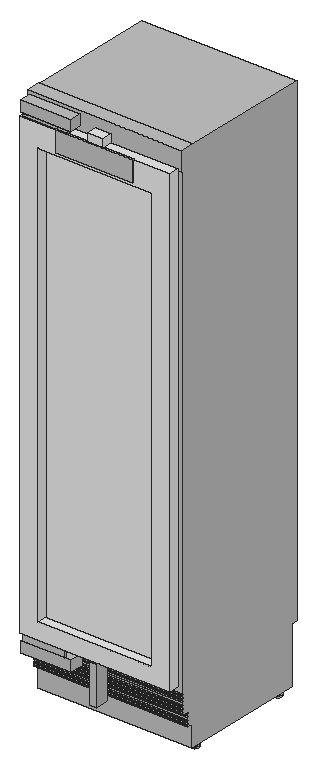
Revit family "FP_Revit_18_RS2484VL2K1_Wine_Column_90001065A", category Specialty Equipment, Revit 2018
Family settings
  Round Connector Dimension = Use Diameter
  Part Type = Normal
  OmniClass Number = 23.40.40.11.11
  OmniClass Title = Refrigerators and Freezers
  Work Plane-Based = No
  Always vertical = Yes
  Cut with Voids When Loaded = Yes
  Shared = No
  Room Calculation Point = No
Parameters
  Visibility - Water Connection = yes
  Visibility - Visibility Control Note = yes
  Visibility - Clearance Required = yes
  URL = "www.fisherpaykel.com"
  Stainless Steel Door Panels (RD2484VL4D) = no
  Product - Width = 603 mm  # constant formula
  Product - Height = 2134 mm  # constant formula
  Product - Depth (exl front panel) = 610 mm  # constant formula
  Model = "RS2484VL2K1"
  Material - Handle = Fisher & Paykel - Aluminium
  Material - Door Structure = Fisher & Paykel - White
  Material - Door Front = Fisher & Paykel - Stainless Steel
  Material - Body = Fisher & Paykel - Grey
  Manufacturer = "Fisher & Paykel Appliances"
  Handle Style - Professional Square (AHV2-RD84) = no
  Handle Style - Professional Round (AHC-RD84) = no
  Handle Style - Contemporary Square (AHD3-RD84) = no
  Handle Style - Contemporary Round (AHS-RD84) = no
  Description = "24\" Integrated Column Wine Cabinet"
  Connector Description - Electrical = "120 V, 10 amp fused electrical supply"
  Cavity - Width = 610 mm  # constant formula
  Cavity - Height = 2134 mm  # constant formula
  Cavity - Depth = 635 mm  # constant formula
Reference planes
  plane 1 "Center (Front/Back)": y = 0
  plane 2: z = 0
  plane 3 "Center (Left/Right)": x = 0
  plane 4 "Product LHS": x = -301.5
  plane 5 "Product RHS": x = 301.5
  plane 6 "Product - Depth": y = 610
  plane 7 "Cavity LHS": x = -305
  plane 8 "Cavity RHS": x = 305
  plane 9 "Cavity - Depth": y = 612.9
  plane 10 "Handle Offset": x = 238.5
  plane 11 "Product Height": z = 2134
  plane 12 "Cavity Height": z = 2134
  plane 13 "Door Panel Datum": y = -4.1
Forms (mm)
  Extrusion 1, solid, material "Fisher & Paykel - Grey" <- "Material - Body", detail levels fine
    sketch origin (0, 0, 0) x (0, 1, 0) y (0, 0, 1)
      loop
        line (100.1, 19.1) -> (587.9, 19.1) -> (587.9, 239.7) -> (610, 239.7) -> (610, 2131.9) -> (105.1, 2131.9) -> (105.1, 2134) -> (49.9, 2134) -> (49.9, 2059) -> (56, 2059) -> (56, 228.6) -> (59.5, 228.6) -> (59.5, 219.7) -> (56.5, 219.7) -> (56.5, 215.9) -> (59.5, 215.9) -> (59.5, 207) -> (56.5, 207) -> (56.5, 203.2) -> (59.5, 203.2) -> (59.5, 194.3) -> (56.5, 194.3) -> (56.5, 190.5) -> (59.5, 190.5) -> (59.5, 181.6) -> (56.5, 181.6) -> (56.5, 177.8) -> (59.5, 177.8) -> (59.5, 168.9) -> (56.5, 168.9) -> (56.5, 165.1) -> (59.5, 165.1) -> (59.5, 156.2) -> (56.5, 156.2) -> (56.5, 152.4) -> (84.1, 152.4) -> (84.1, 143.5) -> (81.1, 143.5) -> (81.1, 139.7) -> (84.1, 139.7) -> (84.1, 130.8) -> (81.1, 130.8) -> (81.1, 127) -> (84.1, 127) -> (84.1, 118.1) -> (81.1, 118.1) -> (81.1, 114.3) -> (84.1, 114.3) -> (84.1, 105.4) -> (81.1, 105.4) -> (81.1, 101.6) -> (100.1, 101.6) -> (100.1, 19.1)
    from -301.5 to 301.5
  Extrusion 2, solid, material "Fisher & Paykel - Grey" <- "Material - Body"
    sketch origin (0, 0, 0) x (1, 0, 0) y (0, 1, 0)
      loop
        circle (-281, 547.8) r 4.1
      loop
        circle (-281, 141.8) r 4.1
      loop
        circle (281, 547.8) r 4.1
      loop
        circle (281, 141.8) r 4.1
    from 3 to 19.1
  Extrusion 3, solid, material "Fisher & Paykel - Grey" <- "Material - Body"
    sketch origin (0, 0, 0) x (1, 0, 0) y (0, 1, 0)
      loop
        circle (-281, 547.8) r 14.5
      loop
        circle (-281, 141.8) r 14.555
      loop
        circle (281, 547.8) r 14.5
      loop
        circle (281, 141.8) r 14.555
    from 0 to 3
  Extrusion 4, solid, material "Fisher & Paykel - Grey" <- "Material - Body", detail levels fine
    sketch origin (0, 0, 0) x (1, 0, 0) y (0, 1, 0)
      loop
        line (-7.5, 49) -> (-13.797, -4.1) -> (13.797, -4.1) -> (7.5, 49) -> (-7.5, 49)
    from 104.2 to 254.2
  Extrusion 5, solid, material "Fisher & Paykel - Grey" <- "Material - Body", detail levels fine
    sketch origin (0, 0, 0) x (0, 1, 0) y (0, 0, 1)
      loop
        line (0, 2070.6) -> (0, 1988.6) -> (2, 1988.6) -> (2, 2068.6) -> (4, 2068.6) -> (4, 2070.6) -> (0, 2070.6)
    from -150 to 150
  Extrusion 6, solid, material "Fisher & Paykel - Grey" <- "Material - Body"
    sketch origin (0, 0, 0) x (1, 0, 0) y (0, 0, 1)
      loop
        circle (226.5, 119.813) r 5
      loop
        circle (-226.5, 119.813) r 5
    from -590 to -587.9
  Extrusion 7, solid, material "Fisher & Paykel - White" <- "Material - Door Structure"
    sketch origin (0, 0, 0) x (1, 0, 0) y (0, 1, 0)
      loop
        line (-276.5, 56) -> (-276.5, 42) -> (276.5, 42) -> (276.5, 56) -> (-276.5, 56)
    from 269.6 to 2030.7
  Extrusion 8, solid, material "Fisher & Paykel - White" <- "Material - Door Structure", detail levels fine
    sketch origin (0, 0, 0) x (1, 0, 0) y (0, 0, 1)
      loop
        line (-29.5, 2100.1) -> (-29.5, 2068.6) -> (29.5, 2068.6) -> (29.5, 2100.1) -> (-29.5, 2100.1)
    from -42 to -3
  Extrusion 9, solid, material "Fisher & Paykel - Grey" <- "Material - Body", detail levels coarse+medium
    sketch origin (0, 0, 0) x (0, 1, 0) y (0, 0, 1)
      loop
        line (49.9, 2134) -> (49.9, 2059) -> (56, 2059) -> (56, 152.4) -> (81.1, 152.4) -> (81.1, 101.6) -> (100.1, 101.6) -> (100.1, 19.1) -> (587.9, 19.1) -> (587.9, 239.7) -> (610, 239.7) -> (610, 2134) -> (49.9, 2134)
    from -301.5 to 301.5
  Extrusion 10, solid, material "Fisher & Paykel - Grey" <- "Material - Body", detail levels fine
    sketch origin (0, 0, 0) x (-1, 0, 0) y (0, 0, -1)
      loop
        line (289.9, -187.65) -> (95.42, -187.65) -> (95.42, -229.75) -> (289.9, -229.75) -> (289.9, -187.65)
    from -56 to -2.5
  Extrusion 11, solid, material "Fisher & Paykel - Grey" <- "Material - Body", detail levels fine
    sketch origin (0, 0, 0) x (-1, 0, 0) y (0, 0, -1)
      loop
        line (289.9, -2123.15) -> (289.9, -2081.05) -> (95.42, -2081.05) -> (95.42, -2123.15) -> (289.9, -2123.15)
    from -49 to -3
  Extrusion 12, solid, material "Fisher & Paykel - Grey" <- "Material - Body", detail levels fine
    sketch origin (0, 0, -4) x (0, 1, 0) y (0, 0, 1)
      loop
        arc (163.888, 23.1) -> (180.4, 13.63) -> (196.912, 23.1) r 19.13
        line (196.912, 23.1) -> (163.888, 23.1)
      loop
        arc (493.888, 23.1) -> (510.4, 13.63) -> (526.912, 23.1) r 19.13
        line (526.912, 23.1) -> (493.888, 23.1)
    from 191 to 219
  Extrusion 13, solid, material "Fisher & Paykel - Grey" <- "Material - Body", detail levels fine
    sketch origin (0, 0, -4) x (0, 1, 0) y (0, 0, -1)
      loop
        line (163.888, -23.1) -> (196.912, -23.1)
        arc (196.912, -23.1) -> (180.4, -13.63) -> (163.888, -23.1) r 19.13
      loop
        line (493.888, -23.1) -> (526.912, -23.1)
        arc (526.912, -23.1) -> (510.4, -13.63) -> (493.888, -23.1) r 19.13
    from 191 to 219
  Extrusion 14, solid, material "Fisher & Paykel - Clearance Required", visible <- "Visibility - Clearance Required", detail levels coarse
    sketch origin (0, 0, 0) x (1, 0, 0) y (0, 1, 0)
      loop
        line (-305, 612.9) -> (-305, -4.1) -> (305, -4.1) -> (305, 612.9) -> (-305, 612.9)
    from 0 to 2134
  Extrusion 15, void
    sketch origin (0, 0, 0) x (1, 0, 0) y (0, 1, 0)
      loop
        line (-305, 612.9) -> (-305, -22.1) -> (305, -22.1) -> (305, 612.9) -> (-305, 612.9)
    from 0 to 2134
  Extrusion 16, solid, material "Fisher & Paykel - Clearance Required", visible <- "Visibility - Clearance Required", detail levels coarse
    sketch origin (0, 0, 0) x (-1, 0, 0) y (0, -1, 0)
      loop
        line (-301.5, 22.1) -> (301.5, 22.1)
        arc (301.5, 22.1) -> (310.616, 38.605) -> (329.441, 39.678) r 19.5
        line (329.441, 39.678) -> (550.259, 513.225) -> (574.757, 501.802)
        arc (574.757, 501.802) -> (598.013, 510.267) -> (589.549, 533.523) r 17.5
        line (589.549, 533.523) -> (565.051, 544.946) -> (584.28, 586.183)
        arc (584.28, 586.183) -> (-13.376, 547.171) -> (-301.5, 22.1) r 622.5
    from 0 to 2134
  Extrusion 17, solid, material "Fisher & Paykel - Grey" <- "Material - Body", detail levels fine
    sketch origin (0, 0, 0) x (-1, 0, 0) y (0, 0, -1)
      loop
        line (118.4, -254.2) -> (282.9, -254.2) -> (282.9, -229.75) -> (118.4, -229.75) -> (118.4, -254.2)
      loop
        line (106, -2081.05) -> (242.9, -2081.05) -> (282.9, -2076.05) -> (282.9, -2068.6) -> (106, -2068.6) -> (106, -2081.05)
    from -7 to -4
  Extrusion 18, solid, material "Fisher & Paykel - Stainless Steel" <- "Material - Door Front", visible <- "Stainless Steel Door Panels (RD2484VL4D)"
    sketch origin (0, 0, 0) x (1, 0, 0) y (0, 0, 1)
      loop
        line (-301.5, 2130.8) -> (-301.5, 102) -> (301.5, 102) -> (301.5, 2130.8) -> (-301.5, 2130.8)
      loop
        line (-207.5, 1930) -> (-207.5, 341.6) -> (207.5, 341.6) -> (207.5, 1930) -> (-207.5, 1930)
    from 4.1 to 22.1
  Extrusion 19, solid, material "Fisher & Paykel - White" <- "Material - Door Structure"
    sketch origin (0, 0, 0) x (1, 0, 0) y (0, 0, 1)
      loop
        line (-292.9, 2068.6) -> (-292.9, 254.2) -> (292.9, 254.2) -> (292.9, 2068.6) -> (-292.9, 2068.6)
      loop
        line (-223.3, 318.3) -> (223.3, 318.3) -> (223.3, 1977.7) -> (-223.3, 1977.7) -> (-223.3, 318.3)
    from -42 to -3
Lines and regions (mm)
  model lines, style "Fisher & Paykel"
    curve 1: line (-301.5, -4.1, 2130.8) -> (301.5, -4.1, 2130.8)
    curve 2: line (-301.5, -4.1, 102) -> (-301.5, -4.1, 2130.8)
    curve 3: line (301.5, -4.1, 102) -> (-301.5, -4.1, 102)
    curve 4: line (301.5, -4.1, 2130.8) -> (301.5, -4.1, 102)
  model lines
    curve 5: line (-207.5, -4.1, 1930) -> (207.5, -4.1, 1930)
    curve 6: line (-207.5, -4.1, 341.6) -> (-207.5, -4.1, 1930)
    curve 7: line (207.5, -4.1, 341.6) -> (-207.5, -4.1, 341.6)
    curve 8: line (207.5, -4.1, 1930) -> (207.5, -4.1, 341.6)
Text (mm)
  text "Due to ongoing product development, product details are subject to change without notice. \nPlease always refer to www.fisherpaykel.com for the most current product information. \n© Fisher & Paykel 2020" at (41.04, -678.295, 0), in view "Ref. Level (Plan)"
Dimensions and locks
  equal spacing: plane 4 "Product LHS", plane 3 "Center (Left/Right)", plane 5 "Product RHS"
  "Product - Width": plane 4 "Product LHS" to plane 5 "Product RHS"
  "Product - Depth (exl front panel)": plane 1 "Center (Front/Back)" to plane 6 "Product - Depth"
  equal spacing: plane 7 "Cavity LHS", plane 3 "Center (Left/Right)", plane 8 "Cavity RHS"
  "Cavity - Width": plane 7 "Cavity LHS" to plane 8 "Cavity RHS"
  plane 4 "Product LHS" to Extrusion 2 sketch curve = 24.6 mm
  plane 4 "Product LHS" to plane 10 "Handle Offset" = 540 mm
  Extrusion 6 sketch curve to Extrusion 1 = 119.887 mm  (x2)
  Extrusion 6 sketch curve to plane 5 "Product RHS" = 75 mm
  plane 4 "Product LHS" to Extrusion 6 sketch curve = 75 mm
  Extrusion 1 sketch curve to Extrusion 1 sketch curve = 82.5 mm
  Extrusion 1 sketch curve to Extrusion 1 sketch curve = 209.5 mm
  Extrusion 3 to level = 3 mm
  Extrusion 9 to Extrusion 7 = 250.5 mm
  Extrusion 9 to Extrusion 9 = 2114.9 mm
  "Product - Height": level to plane 11 "Product Height"
  Extrusion 7 to plane 11 "Product Height" = 103.3 mm
  Extrusion 9 sketch curve to plane 11 "Product Height" = 75 mm
  Extrusion 1 sketch curve to plane 11 "Product Height" = 2.1 mm
  Extrusion 1 sketch curve to plane 11 "Product Height" = 75 mm
  "Cavity - Height": plane 12 "Cavity Height" to level
  plane 1 "Center (Front/Back)" to Extrusion 14 = 612.9 mm
  plane 1 "Center (Front/Back)" to Extrusion 15 = 612.9 mm
  Extrusion 17 sketch curve to Extrusion 17 sketch curve = 40 mm
  Extrusion 17 sketch curve to Extrusion 17 sketch curve = 176.9 mm
  plane 3 "Center (Left/Right)" to Extrusion 17 sketch curve = 106 mm
  plane 3 "Center (Left/Right)" to Extrusion 17 sketch curve = 118.4 mm
  equal spacing: Extrusion 19, plane 3 "Center (Left/Right)", Extrusion 19
  equal spacing: Extrusion 18, plane 3 "Center (Left/Right)", Extrusion 18
  locked: Extrusion 18 sketch curve to Extrusion 18 sketch curve at 415
  locked: Extrusion 19 sketch curve to Extrusion 19 sketch curve at 446.6
  Extrusion 16 to plane 1 "Center (Front/Back)" = 22.1 mm
  "Cavity - Depth": plane 9 "Cavity - Depth" to Extrusion 16
  radius of Extrusion 6 sketch curve = 5 mm
  aligned and locked: level to plane 2
  aligned and locked: Extrusion 9 to plane 5 "Product RHS"
  aligned and locked: Extrusion 9 to plane 4 "Product LHS"
  aligned and locked: Extrusion 9 sketch curve to plane 11 "Product Height"
  aligned and locked: plane 11 "Product Height" to Extrusion 1 sketch curve
  aligned and locked: Extrusion 12 sketch curve to Extrusion 12 sketch curve
  aligned and locked: Extrusion 13 sketch curve to Extrusion 13 sketch curve
  aligned and locked: Extrusion 1 to plane 5 "Product RHS"
  aligned and locked: plane 4 "Product LHS" to Extrusion 1
  aligned and locked: Extrusion 2 to Extrusion 1
  aligned and locked: nested 5 to plane 10 "Handle Offset"
  aligned and locked: nested 4 to plane 10 "Handle Offset"
  aligned and locked: nested 3 to plane 10 "Handle Offset"
  aligned and locked: nested 2 to plane 10 "Handle Offset"
Automatic sketch dimensions
  Extrusion 2 sketch curve to plane 4 "Product LHS" = 20.5 mm  (x2)
  plane 5 "Product RHS" to Extrusion 2 sketch curve = 20.5 mm  (x2)
  Extrusion 2 sketch curve to plane 1 "Center (Front/Back)" = 141.8 mm  (x2)
  Extrusion 2 sketch curve to plane 6 "Product - Depth" = 62.2 mm  (x2)
  Extrusion 3 sketch curve to plane 4 "Product LHS" = 20.5 mm  (x2)
  plane 5 "Product RHS" to Extrusion 3 sketch curve = 20.5 mm  (x2)
  Extrusion 3 sketch curve to plane 1 "Center (Front/Back)" = 141.8 mm  (x2)
  Extrusion 3 sketch curve to plane 6 "Product - Depth" = 62.2 mm  (x2)
  plane 1 "Center (Front/Back)" to Extrusion 4 sketch curve = 4.1 mm
  Extrusion 4 sketch curve to plane 3 "Center (Left/Right)" = 13.797 mm
  Extrusion 4 sketch curve to plane 3 "Center (Left/Right)" = 7.5 mm
  plane 3 "Center (Left/Right)" to Extrusion 4 sketch curve = 7.5 mm
  plane 3 "Center (Left/Right)" to Extrusion 4 sketch curve = 13.797 mm
  Extrusion 4 sketch curve to plane 1 "Center (Front/Back)" = 49 mm
  Extrusion 5 sketch curve to plane 1 "Center (Front/Back)" = 0 mm
  Extrusion 5 sketch curve to plane 1 "Center (Front/Back)" = 2 mm
  Extrusion 5 sketch curve to Extrusion 5 sketch curve = 2 mm  (x2)
  plane 11 "Product Height" to Extrusion 5 sketch curve = 145.4 mm
  plane 11 "Product Height" to Extrusion 5 sketch curve = 65.4 mm
  Extrusion 7 sketch curve to plane 4 "Product LHS" = 25 mm
  plane 5 "Product RHS" to Extrusion 7 sketch curve = 25 mm
  Extrusion 7 sketch curve to plane 1 "Center (Front/Back)" = 42 mm
  Extrusion 7 sketch curve to Extrusion 7 sketch curve = 14 mm
  Extrusion 8 sketch curve to plane 3 "Center (Left/Right)" = 29.5 mm
  plane 3 "Center (Left/Right)" to Extrusion 8 sketch curve = 29.5 mm
  plane 11 "Product Height" to Extrusion 8 sketch curve = 65.4 mm
  Extrusion 8 sketch curve to Extrusion 8 sketch curve = 31.5 mm
  plane 3 "Center (Left/Right)" to Extrusion 10 sketch curve = 95.42 mm
  plane 4 "Product LHS" to Extrusion 10 sketch curve = 11.6 mm
  Extrusion 10 sketch curve to level = 187.65 mm
  Extrusion 10 sketch curve to Extrusion 10 sketch curve = 42.1 mm
  Extrusion 11 sketch curve to plane 11 "Product Height" = 10.85 mm
  plane 3 "Center (Left/Right)" to Extrusion 11 sketch curve = 95.42 mm
  plane 4 "Product LHS" to Extrusion 11 sketch curve = 11.6 mm
  Extrusion 11 sketch curve to Extrusion 11 sketch curve = 42.1 mm
  Extrusion 12 sketch curve to plane 1 "Center (Front/Back)" = 163.888 mm
  Extrusion 12 sketch curve to Extrusion 12 sketch curve = 16.512 mm  (x2)
  Extrusion 12 sketch curve to plane 6 "Product - Depth" = 116.112 mm
  Extrusion 12 sketch curve to Extrusion 12 sketch curve = 9.66 mm  (x2)
  Extrusion 13 sketch curve to plane 1 "Center (Front/Back)" = 163.888 mm
  Extrusion 13 sketch curve to Extrusion 13 sketch curve = 16.512 mm  (x2)
  Extrusion 13 sketch curve to plane 6 "Product - Depth" = 116.112 mm
  Extrusion 13 sketch curve to Extrusion 13 sketch curve = 9.66 mm  (x2)
  Extrusion 14 sketch curve to plane 7 "Cavity LHS" = 0 mm
  Extrusion 14 sketch curve to plane 8 "Cavity RHS" = 0 mm
  Extrusion 14 sketch curve to plane 9 "Cavity - Depth" = 0 mm
  plane 1 "Center (Front/Back)" to Extrusion 14 sketch curve = 4.1 mm
  Extrusion 15 sketch curve to plane 7 "Cavity LHS" = 0 mm
  Extrusion 15 sketch curve to plane 8 "Cavity RHS" = 0 mm
  plane 9 "Cavity - Depth" to Extrusion 15 sketch curve = 0 mm
  plane 1 "Center (Front/Back)" to Extrusion 15 sketch curve = 22.1 mm
  Extrusion 16 sketch curve to Extrusion 16 sketch curve = 0 mm  (x2)
  Extrusion 16 sketch curve to plane 5 "Product RHS" = 0 mm
  Extrusion 16 sketch curve to plane 4 "Product LHS" = 0 mm
  Extrusion 16 sketch curve to plane 7 "Cavity LHS" = 16 mm
  Extrusion 16 sketch curve to Extrusion 16 sketch curve = 8.441 mm
  Extrusion 16 sketch curve to plane 7 "Cavity LHS" = 245.259 mm
  Extrusion 16 sketch curve to Extrusion 16 sketch curve = 14.792 mm
  Extrusion 16 sketch curve to Extrusion 16 sketch curve = 24.498 mm
  Extrusion 16 sketch curve to Extrusion 16 sketch curve = 7.396 mm  (x2)
  Extrusion 16 sketch curve to Extrusion 16 sketch curve = 19.229 mm
  Extrusion 16 sketch curve to plane 1 "Center (Front/Back)" = 586.183 mm
  Extrusion 16 sketch curve to Extrusion 16 sketch curve = 41.237 mm
  Extrusion 16 sketch curve to Extrusion 16 sketch curve = 15.86 mm
  Extrusion 17 sketch curve to plane 11 "Product Height" = 52.95 mm
  plane 4 "Product LHS" to Extrusion 17 sketch curve = 18.6 mm
  Extrusion 17 sketch curve to Extrusion 17 sketch curve = 5 mm
  Extrusion 17 sketch curve to Extrusion 17 sketch curve = 12.45 mm
  Extrusion 17 sketch curve to level = 254.2 mm
  Extrusion 17 sketch curve to Extrusion 17 sketch curve = 24.45 mm
  Extrusion 9 sketch curve to plane 6 "Product - Depth" = 0 mm
  Extrusion 9 sketch curve to plane 6 "Product - Depth" = 22.1 mm
  Extrusion 9 sketch curve to plane 1 "Center (Front/Back)" = 100.1 mm
  Extrusion 9 sketch curve to Extrusion 9 sketch curve = 19 mm
  Extrusion 9 sketch curve to plane 1 "Center (Front/Back)" = 56 mm
  Extrusion 9 sketch curve to plane 1 "Center (Front/Back)" = 49.9 mm
  level to Extrusion 9 sketch curve = 152.4 mm
  Extrusion 9 sketch curve to Extrusion 9 sketch curve = 50.8 mm
  level to Extrusion 9 sketch curve = 19.1 mm
  Extrusion 9 sketch curve to Extrusion 9 sketch curve = 220.6 mm
  level to Extrusion 12 sketch curve = 19.1 mm
  level to Extrusion 13 sketch curve = 28.76 mm
  Extrusion 1 sketch curve to plane 6 "Product - Depth" = 0 mm
  Extrusion 1 sketch curve to Extrusion 1 sketch curve = 22.1 mm
  Extrusion 1 sketch curve to plane 1 "Center (Front/Back)" = 105.1 mm
  level to Extrusion 1 sketch curve = 19.1 mm
  Extrusion 1 sketch curve to plane 1 "Center (Front/Back)" = 100.1 mm
  Extrusion 1 sketch curve to Extrusion 1 sketch curve = 16 mm
  Extrusion 1 sketch curve to Extrusion 1 sketch curve = 0 mm  (x8)
  Extrusion 1 sketch curve to Extrusion 1 sketch curve = 3 mm  (x10)
  Extrusion 1 sketch curve to plane 1 "Center (Front/Back)" = 59.5 mm
  Extrusion 1 sketch curve to plane 1 "Center (Front/Back)" = 56 mm
  Extrusion 1 sketch curve to plane 1 "Center (Front/Back)" = 49.9 mm
  Extrusion 1 sketch curve to Extrusion 1 sketch curve = 3.8 mm  (x10)
  Extrusion 1 sketch curve to Extrusion 1 sketch curve = 8.9 mm  (x9)
  Extrusion 1 sketch curve to Extrusion 1 sketch curve = 220.6 mm
  Extrusion 19 sketch curve to plane 4 "Product LHS" = 8.6 mm
  plane 10 "Handle Offset" to Extrusion 19 sketch curve = 461.8 mm
  plane 5 "Product RHS" to Extrusion 19 sketch curve = 8.6 mm
  level to Extrusion 19 sketch curve = 254.2 mm
  Extrusion 19 sketch curve to Extrusion 19 sketch curve = 64.1 mm
  plane 11 "Product Height" to Extrusion 19 sketch curve = 156.3 mm
  plane 11 "Product Height" to Extrusion 19 sketch curve = 65.4 mm
  plane 4 "Product LHS" to Extrusion 18 sketch curve = 0 mm
  plane 5 "Product RHS" to Extrusion 18 sketch curve = 0 mm
  plane 10 "Handle Offset" to Extrusion 18 sketch curve = 446 mm
  level to Extrusion 18 sketch curve = 102 mm
  Extrusion 18 sketch curve to Extrusion 18 sketch curve = 239.6 mm
  plane 11 "Product Height" to Extrusion 18 sketch curve = 204 mm
  plane 11 "Product Height" to Extrusion 18 sketch curve = 3.2 mm
  plane 5 "Product RHS" to curve 1 = 0 mm
  plane 4 "Product LHS" to curve 2 = 0 mm
  plane 10 "Handle Offset" to curve 7 = 31 mm
  curve 5 to plane 4 "Product LHS" = 94 mm
  level to curve 4 = 102 mm
  curve 2 to curve 7 = 239.6 mm
  plane 11 "Product Height" to curve 5 = 204 mm
  plane 11 "Product Height" to curve 2 = 3.2 mm
  radius of Extrusion 2 sketch curve = 4.1 mm  (x3)
  radius of Extrusion 3 sketch curve = 14.5 mm  (x2)
  radius of Extrusion 3 sketch curve = 14.555 mm  (x2)
  radius of Extrusion 6 sketch curve = 5 mm
Nested families
  nested 1: "Visibility Control Note 18" at (0, 0, 0), visible <- "Visibility - Visibility Control Note", type "Visibility Control Note 18"
  nested 2: "Handle Contemporary Round - Vertical" at (238.5, -22.1, 1242.58), visible <- "Handle Style - Contemporary Round (AHS-RD84)", type "AHS-RD84 - Contemporary round handle (Vertical) 852mm"
  nested 3: "Handle Contemporary Square - Vertical" at (238.5, -22.1, 1242.58), visible <- "Handle Style - Contemporary Square (AHD3-RD84)", type "AHD3-RD84 - Contemporary square handle (Vertical) 852mm"
  nested 4: "Handle Professional Round - Vertical" at (238.5, -22.1, 1242.58), visible <- "Handle Style - Professional Round (AHC-RD84)", type "AHC-RD84 - Professional round handle (Vertical) 786mm"
  nested 5: "Handle Professional Square - Vertical" at (238.5, -22.1, 1242.58), visible <- "Handle Style - Professional Square (AHV2-RD84)", type "AHV2-RD84 - Professional square handle (Vertical) 792mm"
Connectors
  electrical at (-226.5, 590, 119.813), driven by "Connector Description - Electrical"
    settings: on Extrusion 6, index 1, voltage 120 V, apparent load 0 VA, apparent load phase1 0 VA, apparent load phase2 0 VA, apparent load phase3 0 VA, power factor 1, load classification "Other", number of poles 1, system type 30, power factor state 1, is connector primary yes, connector utility no, sub classification motor no, connector description "120 V, 10 amp fused electrical supply"
  piping at (226.5, 590, 119.813), diameter 12.7, driven by "Visibility - Water Connection"
    settings: on Extrusion 6, index 2, connector inside diameter 609.6 mm, connector length 0 mm, flow factor 0, pipe flow 0.0 L/s, pressure drop 0.0 Pa, fitting loss kfactor 0, connector angle 0.00°, fixture units 0, engagement length 0 mm, angle of deflection 0.00°, flow configuration 0, flow direction 1, fitting loss method 0, system type 20, joint type 0, gender type 0, connector reference index -1, connector utility 1, adjustable connector no, is connector primary yes, connector description "1/4\" (6mm) comp. stainless steel braided hose"
Definition of nested family "Handle Contemporary Round - Vertical"
  Parameters (values of type "AHSRS80A - Contemporary round handle (1 of 2) (Vertical) 727mm")
    URL = "www.fisherpaykel.com"
    Material - Handle = none
    Manufacturer = "Fisher & Paykel Appliances"
    Handle - Length = 727 mm
  Types (6, lengths in mm): name | Handle - Length
    AHS-RD21 - Contemporary round handle (Vertical) 852mm | 852
    AHSRD2484W - Contemporary round handle (1 of 2) (Vertical) 727mm | 727
    AHSRD3084W - Contemporary round handle (1 of 2) (Vertical) 727mm | 727
    AHS-RD84 - Contemporary round handle (Vertical) 852mm | 852
    AHSRS3272A - Contemporary round handle (1 of 2) (Vertical) 727mm | 727
    AHSRS80A - Contemporary round handle (1 of 2) (Vertical) 727mm | 727
  Reference planes
    plane 1 "Center (Front/Back)": y = 0
    plane 2: z = 0
    plane 3 "Center (Left/Right)": x = 0
    plane 4 "Top": z = 363.5
    plane 5 "Bottom": z = -363.5
    plane 6 "Top Standoff": z = 243.5
    plane 7 "Bottom Standoff": z = -243.5
  Forms (mm)
    Extrusion 1, solid, material <- "Material - Handle"
      sketch origin (0, 0, 0) x (1, 0, 0) y (0, 1, 0)
        loop
          circle (0, -32.3) r 8.7
      from -243.5 to 243.5
    Extrusion 2, solid, material <- "Material - Handle", detail levels fine
      sketch origin (0, 0, 0) x (1, 0, 0) y (0, 1, 0)
        loop
          line (-8.7, 0) -> (-8.7, -32.3)
          arc (-8.7, -32.3) -> (0, -41) -> (8.7, -32.3) r 8.7
          line (8.7, -32.3) -> (8.7, 0) -> (-8.7, 0)
      from 243.5 to 363.5
    Extrusion 3, solid, material <- "Material - Handle", detail levels fine
      sketch origin (0, 0, 0) x (1, 0, 0) y (0, 1, 0)
        loop
          line (-8.7, 0) -> (-8.7, -32.3)
          arc (-8.7, -32.3) -> (0, -41) -> (8.7, -32.3) r 8.7
          line (8.7, -32.3) -> (8.7, 0) -> (-8.7, 0)
      from -363.5 to -243.5
    Sweep 4, void
      path in 3D
        loop
          line (8.7, 0, -363.5) -> (8.7, -32.3, -363.5)
          arc (8.7, -32.3, -363.5) -> (0, -41, -363.5) -> (-8.7, -32.3, -363.5) r 8.7
          line (-8.7, -32.3, -363.5) -> (-8.7, 0, -363.5)
      profile origin (8.7, -16.15, -363.5) x (-1, 0, 0) y (0, 0, -1)
        loop
          line (0, 0) -> (0, -1) -> (1, 0) -> (0, 0)
    Sweep 5, void
      path in 3D
        loop
          line (-8.7, 0, 363.5) -> (-8.7, -32.3, 363.5)
          arc (-8.7, -32.3, 363.5) -> (0, -41, 363.5) -> (8.7, -32.3, 363.5) r 8.7
          line (8.7, -32.3, 363.5) -> (8.7, 0, 363.5)
      profile origin (8.7, -16.15, 363.5) x (-1, 0, 0) y (0, 0, 1)
        loop
          line (0, 0) -> (0, -1) -> (1, 0) -> (0, 0)
    Extrusion 6, solid, material <- "Material - Handle", detail levels coarse+medium
      sketch origin (0, 0, 0) x (1, 0, 0) y (0, 1, 0)
        loop
          line (-8.7, 0) -> (-8.7, -32.3)
          arc (-8.7, -32.3) -> (0, -41) -> (8.7, -32.3) r 8.7
          line (8.7, -32.3) -> (8.7, 0) -> (-8.7, 0)
      from 243.5 to 363.5
    Extrusion 7, solid, material <- "Material - Handle", detail levels coarse+medium
      sketch origin (0, 0, 0) x (1, 0, 0) y (0, 1, 0)
        loop
          line (-8.7, 0) -> (-8.7, -32.3)
          arc (-8.7, -32.3) -> (0, -41) -> (8.7, -32.3) r 8.7
          line (8.7, -32.3) -> (8.7, 0) -> (-8.7, 0)
      from -363.5 to -243.5
  Cuts and joins
    Sweep 4 cuts Extrusion 3
    Sweep 5 cuts Extrusion 2
  Lines and regions (mm)
    sketch lines
      curve 1: line (8.7, 0, -363.5) -> (8.7, -32.3, -363.5)
      curve 2: arc (-8.7, -32.3, -363.5) -> (0, -41, -363.5) -> (8.7, -32.3, -363.5) r 8.7
      curve 3: line (-8.7, -32.3, -363.5) -> (-8.7, 0, -363.5)
      curve 4: line (8.7, -32.3, 363.5) -> (8.7, 0, 363.5)
      curve 5: arc (8.7, -32.3, 363.5) -> (0, -41, 363.5) -> (-8.7, -32.3, 363.5) r 8.7
      curve 6: line (-8.7, 0, 363.5) -> (-8.7, -32.3, 363.5)
  Dimensions and locks
    equal spacing: plane 4 "Top", level, plane 5 "Bottom"
    "Handle - Length": plane 4 "Top" to plane 5 "Bottom"
    locked: plane 4 "Top" to plane 6 "Top Standoff" at 120
    locked: plane 7 "Bottom Standoff" to plane 5 "Bottom" at 120
    Extrusion 2 sketch curve to Extrusion 2 sketch curve = 17.4 mm
    Extrusion 3 sketch curve to Extrusion 3 sketch curve = 17.4 mm
    Extrusion 6 sketch curve to Extrusion 6 sketch curve = 17.4 mm
    Extrusion 7 sketch curve to Extrusion 7 sketch curve = 17.4 mm
    aligned and locked: level to plane 2
    aligned and locked: plane 4 "Top" to Extrusion 2
    aligned and locked: Extrusion 3 to plane 5 "Bottom"
    aligned and locked: plane 7 "Bottom Standoff" to Extrusion 3
    aligned and locked: Extrusion 1 to plane 7 "Bottom Standoff"
    aligned and locked: plane 6 "Top Standoff" to Extrusion 1
    aligned and locked: Extrusion 2 to Extrusion 1
    aligned and locked: Extrusion 6 to Extrusion 1
    aligned and locked: plane 4 "Top" to Extrusion 6
    aligned and locked: Extrusion 7 to Extrusion 1
    aligned and locked: Extrusion 7 to plane 5 "Bottom"
  Automatic sketch dimensions
    Extrusion 1 sketch curve to plane 3 "Center (Left/Right)" = 0 mm
    plane 1 "Center (Front/Back)" to Extrusion 1 sketch curve = 32.3 mm
    plane 1 "Center (Front/Back)" to Extrusion 2 sketch curve = 0 mm
    Extrusion 2 sketch curve to plane 3 "Center (Left/Right)" = 0 mm
    Extrusion 2 sketch curve to plane 3 "Center (Left/Right)" = 8.7 mm
    plane 1 "Center (Front/Back)" to Extrusion 2 sketch curve = 32.3 mm
    plane 1 "Center (Front/Back)" to Extrusion 3 sketch curve = 0 mm
    Extrusion 3 sketch curve to plane 3 "Center (Left/Right)" = 0 mm
    Extrusion 3 sketch curve to plane 3 "Center (Left/Right)" = 8.7 mm
    plane 1 "Center (Front/Back)" to Extrusion 3 sketch curve = 32.3 mm
    Sweep 4 sketch curve to profile plane = 0 mm  (x2)
    Sweep 4 sketch curve to profile plane = 1 mm  (x2)
    Sweep 5 sketch curve to profile plane = 0 mm  (x2)
    Sweep 5 sketch curve to profile plane = 1 mm  (x2)
    Extrusion 6 sketch curve to plane 3 "Center (Left/Right)" = 0 mm
    Extrusion 6 sketch curve to plane 3 "Center (Left/Right)" = 8.7 mm
    plane 1 "Center (Front/Back)" to Extrusion 6 sketch curve = 32.3 mm
    Extrusion 6 sketch curve to Extrusion 6 sketch curve = 32.3 mm
    Extrusion 7 sketch curve to plane 3 "Center (Left/Right)" = 0 mm
    Extrusion 7 sketch curve to plane 3 "Center (Left/Right)" = 8.7 mm
    plane 1 "Center (Front/Back)" to Extrusion 7 sketch curve = 32.3 mm
    Extrusion 7 sketch curve to Extrusion 7 sketch curve = 32.3 mm
    radius of Extrusion 1 sketch curve = 8.7 mm
Definition of nested family "Handle Contemporary Square - Vertical"
  Parameters (values of type "AHD3RS80A - Contemporary square handle (1 of 2) (Vertical) 727mm")
    URL = "www.fisherpaykel.com"
    Material - Handle = none
    Manufacturer = "Fisher & Paykel Appliances"
    Handle - Length = 727 mm
  Types (7, lengths in mm): name | Handle - Length
    (no name) | 727
    AHD3-RD21 - Contemporary square handle (Vertical) 852mm | 852
    AHD3RD2484W - Contemporary square handle (1 of 2) (Vertical) 727mm | 727
    AHD3RD3084W - Contemporary square handle (1 of 2) (Vertical) 727mm | 727
    AHD3-RD84 - Contemporary square handle (Vertical) 852mm | 852
    AHD3RS3272A - Contemporary square handle (1 of 2) (Vertical) 727mm | 727
    AHD3RS80A - Contemporary square handle (1 of 2) (Vertical) 727mm | 727
  Reference planes
    plane 1 "Center (Front/Back)": y = 0
    plane 2: z = 0
    plane 3 "Center (Left/Right)": x = 0
    plane 4 "Top": z = 363.5
    plane 5 "Bottom": z = -363.5
    plane 6 "Top Standoff": z = 243.5
    plane 7 "Bottom Standoff": z = -243.5
  Forms (mm)
    Extrusion 1, solid, material <- "Material - Handle", detail levels fine
      sketch origin (0, 0, 0) x (1, 0, 0) y (0, 1, 0)
        loop
          arc (-7.583, -28.701) -> (-7.89, -29.057) -> (-8, -29.514) r 1
          line (-8, -29.514) -> (-8, -40.5)
          arc (-8, -40.5) -> (-7.561, -41.561) -> (-6.5, -42) r 1.5
          line (-6.5, -42) -> (6.5, -42)
          arc (6.5, -42) -> (7.561, -41.561) -> (8, -40.5) r 1.5
          line (8, -40.5) -> (8, -29.487)
          arc (8, -29.487) -> (7.889, -29.029) -> (7.58, -28.673) r 1
          arc (7.58, -28.673) -> (-0.006, -26.256) -> (-7.583, -28.701) r 13.038
      from -363.5 to 363.5
    Extrusion 2, solid, material <- "Material - Handle", detail levels fine
      sketch origin (0, 0, 0) x (1, 0, 0) y (0, 1, 0)
        loop
          arc (7.058, -28.23) -> (7.466, -28.244) -> (7.674, -27.893) r 0.4
          line (7.674, -27.893) -> (7.674, 0) -> (-7.674, 0) -> (-7.674, -27.86)
          arc (-7.674, -27.86) -> (-7.467, -28.21) -> (-7.06, -28.198) r 0.4
          arc (-7.06, -28.198) -> (0.004, -26.156) -> (7.058, -28.23) r 13.136
      from 243.5 to 363.5
    Extrusion 3, solid, material <- "Material - Handle", detail levels fine
      sketch origin (0, 0, 0) x (1, 0, 0) y (0, 1, 0)
        loop
          arc (7.058, -28.23) -> (7.466, -28.244) -> (7.674, -27.893) r 0.4
          line (7.674, -27.893) -> (7.674, 0) -> (-7.674, 0) -> (-7.674, -27.86)
          arc (-7.674, -27.86) -> (-7.467, -28.21) -> (-7.06, -28.198) r 0.4
          arc (-7.06, -28.198) -> (0.004, -26.156) -> (7.058, -28.23) r 13.136
      from -363.5 to -243.5
    Sweep 4, void
      path in 3D
        loop
          line (-8, -29.514, 363.5) -> (-8, -40.5, 363.5)
          arc (-8, -40.5, 363.5) -> (-7.561, -41.561, 363.5) -> (-6.5, -42, 363.5) r 1.5
          line (-6.5, -42, 363.5) -> (6.5, -42, 363.5)
          arc (6.5, -42, 363.5) -> (7.561, -41.561, 363.5) -> (8, -40.5, 363.5) r 1.5
          line (8, -40.5, 363.5) -> (8, -29.487, 363.5)
      profile origin (8, -34.994, 363.5) x (-1, 0, 0) y (0, 0, 1)
        loop
          line (0, 0) -> (0, -1.3) -> (1.3, 0) -> (0, 0)
    Sweep 5, void
      path in 3D
        loop
          line (8, -29.487, -363.5) -> (8, -40.5, -363.5)
          arc (8, -40.5, -363.5) -> (7.561, -41.561, -363.5) -> (6.5, -42, -363.5) r 1.5
          line (6.5, -42, -363.5) -> (-6.5, -42, -363.5)
          arc (-6.5, -42, -363.5) -> (-7.561, -41.561, -363.5) -> (-8, -40.5, -363.5) r 1.5
          line (-8, -40.5, -363.5) -> (-8, -29.514, -363.5)
      profile origin (8, -34.994, -363.5) x (-1, 0, 0) y (0, 0, -1)
        loop
          line (0, 0) -> (0, -1.3) -> (1.3, 0) -> (0, 0)
    Extrusion 6, void
      sketch origin (0, 0, 0) x (1, 0, 0) y (0, 0, 1)
        loop
          line (-8, -362.2) -> (-8, -363.5) -> (-6.7, -363.5) -> (-8, -362.2)
        loop
          line (8, -362.2) -> (6.7, -363.5) -> (8, -363.5) -> (8, -362.2)
      from 0 to 40
    Extrusion 7, void
      sketch origin (0, 0, 0) x (1, 0, 0) y (0, 0, 1)
        loop
          line (-8, 363.5) -> (-8, 362.2) -> (-6.7, 363.5) -> (-8, 363.5)
        loop
          line (8, 363.5) -> (6.7, 363.5) -> (8, 362.2) -> (8, 363.5)
      from 0 to 40
    Extrusion 8, solid, material <- "Material - Handle", detail levels coarse+medium
      sketch origin (0, 0, 0) x (0, 1, 0) y (0, 0, 1)
        loop
          line (0, 363.5) -> (-42, 363.5) -> (-42, -363.5) -> (0, -363.5) -> (0, -243.5) -> (-26.245, -243.5) -> (-26.245, 243.5) -> (0, 243.5) -> (0, 363.5)
      from -8 to 8
  Cuts and joins
    Sweep 4, Sweep 5, Extrusion 6, Extrusion 7 cuts Extrusion 1
    Extrusion 6 cuts Extrusion 3
    Extrusion 7 cuts Extrusion 2
  Lines and regions (mm)
    sketch lines
      curve 1: line (8, -40.5, 363.5) -> (8, -29.487, 363.5)
      curve 2: arc (8, -40.5, 363.5) -> (7.561, -41.561, 363.5) -> (6.5, -42, 363.5) r 1.5
      curve 3: line (-6.5, -42, 363.5) -> (6.5, -42, 363.5)
      curve 4: arc (-6.5, -42, 363.5) -> (-7.561, -41.561, 363.5) -> (-8, -40.5, 363.5) r 1.5
      curve 5: line (-8, -29.514, 363.5) -> (-8, -40.5, 363.5)
      curve 6: line (8, -29.487, -363.5) -> (8, -40.5, -363.5)
      curve 7: arc (6.5, -42, -363.5) -> (7.561, -41.561, -363.5) -> (8, -40.5, -363.5) r 1.5
      curve 8: line (6.5, -42, -363.5) -> (-6.5, -42, -363.5)
      curve 9: arc (-8, -40.5, -363.5) -> (-7.561, -41.561, -363.5) -> (-6.5, -42, -363.5) r 1.5
      curve 10: line (-8, -40.5, -363.5) -> (-8, -29.514, -363.5)
  Dimensions and locks
    equal spacing: plane 4 "Top", level, plane 5 "Bottom"
    "Handle - Length": plane 4 "Top" to plane 5 "Bottom"
    locked: plane 4 "Top" to plane 6 "Top Standoff" at 120
    locked: plane 7 "Bottom Standoff" to plane 5 "Bottom" at 120
    aligned and locked: level to plane 2
    aligned and locked: plane 4 "Top" to Extrusion 2
    aligned and locked: Extrusion 2 to plane 6 "Top Standoff"
    aligned and locked: plane 4 "Top" to Extrusion 1
    aligned and locked: Extrusion 1 to plane 5 "Bottom"
    aligned and locked: Extrusion 3 to plane 5 "Bottom"
    aligned and locked: plane 7 "Bottom Standoff" to Extrusion 3
    aligned and locked: plane 4 "Top" to Extrusion 8 sketch curve
    aligned and locked: plane 6 "Top Standoff" to Extrusion 8 sketch curve
    aligned and locked: plane 7 "Bottom Standoff" to Extrusion 8 sketch curve
    aligned and locked: plane 5 "Bottom" to Extrusion 8 sketch curve
    aligned and locked: plane 1 "Center (Front/Back)" to Extrusion 8 sketch curve  (x2)
  Automatic sketch dimensions
    Extrusion 1 sketch curve to plane 3 "Center (Left/Right)" = 8 mm
    Extrusion 1 sketch curve to Extrusion 1 sketch curve = 1 mm  (x2)
    Extrusion 1 sketch curve to Extrusion 1 sketch curve = 1.5 mm
    plane 3 "Center (Left/Right)" to Extrusion 1 sketch curve = 0.018 mm
    plane 3 "Center (Left/Right)" to Extrusion 1 sketch curve = 6.5 mm
    plane 3 "Center (Left/Right)" to Extrusion 1 sketch curve = 7 mm
    plane 1 "Center (Front/Back)" to Extrusion 1 sketch curve = 42 mm
    Extrusion 1 sketch curve to Extrusion 1 sketch curve = 1.206 mm
    Extrusion 1 sketch curve to Extrusion 1 sketch curve = 10.986 mm
    Extrusion 1 sketch curve to Extrusion 1 sketch curve = 11.013 mm
    Extrusion 1 sketch curve to Extrusion 1 sketch curve = 0 mm
    plane 1 "Center (Front/Back)" to Extrusion 2 sketch curve = 0 mm
    Extrusion 2 sketch curve to plane 3 "Center (Left/Right)" = 7.674 mm
    Extrusion 2 sketch curve to Extrusion 2 sketch curve = 0.4 mm  (x2)
    Extrusion 2 sketch curve to plane 3 "Center (Left/Right)" = 0.026 mm
    plane 3 "Center (Left/Right)" to Extrusion 2 sketch curve = 7.274 mm
    plane 1 "Center (Front/Back)" to Extrusion 2 sketch curve = 27.86 mm
    Extrusion 2 sketch curve to Extrusion 2 sketch curve = 0.033 mm
    Extrusion 2 sketch curve to Extrusion 2 sketch curve = 11.398 mm
    Extrusion 2 sketch curve to Extrusion 2 sketch curve = 0 mm
    plane 1 "Center (Front/Back)" to Extrusion 3 sketch curve = 0 mm
    Extrusion 3 sketch curve to Extrusion 3 sketch curve = 0.4 mm  (x2)
    Extrusion 3 sketch curve to Extrusion 3 sketch curve = 7.248 mm
    Extrusion 3 sketch curve to Extrusion 3 sketch curve = 7.3 mm
    plane 1 "Center (Front/Back)" to Extrusion 3 sketch curve = 27.86 mm
    Extrusion 3 sketch curve to Extrusion 3 sketch curve = 0.033 mm
    Extrusion 3 sketch curve to Extrusion 3 sketch curve = 11.398 mm
    Extrusion 3 sketch curve to Extrusion 3 sketch curve = 0 mm
    Sweep 4 sketch curve to profile plane = 0 mm  (x2)
    Sweep 4 sketch curve to profile plane = 1.3 mm  (x2)
    Sweep 5 sketch curve to profile plane = 0 mm  (x2)
    Sweep 5 sketch curve to profile plane = 1.3 mm  (x2)
    Extrusion 6 sketch curve to plane 5 "Bottom" = 0 mm  (x2)
    plane 5 "Bottom" to Extrusion 6 sketch curve = 1.3 mm  (x2)
    Extrusion 6 sketch curve to plane 3 "Center (Left/Right)" = 8 mm
    Extrusion 6 sketch curve to Extrusion 6 sketch curve = 1.3 mm  (x2)
    plane 3 "Center (Left/Right)" to Extrusion 6 sketch curve = 8 mm
    Extrusion 7 sketch curve to plane 4 "Top" = 0 mm  (x2)
    Extrusion 7 sketch curve to plane 3 "Center (Left/Right)" = 8 mm
    Extrusion 7 sketch curve to Extrusion 7 sketch curve = 1.3 mm  (x2)
    plane 3 "Center (Left/Right)" to Extrusion 7 sketch curve = 8 mm
    Extrusion 7 sketch curve to plane 4 "Top" = 1.3 mm  (x2)
    plane 1 "Center (Front/Back)" to Extrusion 8 sketch curve = 26.245 mm
    plane 1 "Center (Front/Back)" to Extrusion 8 sketch curve = 42 mm
    Extrusion 3 sketch curve to plane 3 "Center (Left/Right)" = 7.674 mm
Definition of nested family "Handle Professional Round - Vertical"
  Parameters (values of type "AHCRD2484W - Professional round handle (1 of 2) (Vertical) 661mm")
    URL = "www.fisherpaykel.com"
    Material - Standoff = none
    Material - Handle = none
    Manufacturer = "Fisher & Paykel Appliances"
    Handle - Length = 661 mm
  Types (5, lengths in mm): name | Handle - Length
    (no name) | 661
    AHCRD2484W - Professional round handle (1 of 2) (Vertical) 661mm | 661
    AHCRD3084W - Professional round handle (1 of 2) (Vertical) 661mm | 661
    AHC-RD84 - Professional round handle (Vertical) 786mm | 786
    AHCRS3272A - Professional round handle (1 of 2) (Vertical) 661mm | 661
  Reference planes
    plane 1 "Center (Front/Back)": y = 0
    plane 2: z = 0
    plane 3 "Center (Left/Right)": x = 0
    plane 4 "Top": z = 330.5
    plane 5 "Bottom": z = -330.5
    plane 6 "Top Standoff": z = 286.5
    plane 7 "Bottom Standoff": z = -286.5
  Forms (mm)
    Extrusion 1, solid, material <- "Material - Standoff", detail levels fine
      sketch origin (0, 0, 0) x (1, 0, 0) y (0, 1, 0)
        loop
          line (-18.5, 0) -> (-18.5, -39.4)
          arc (-18.5, -39.4) -> (0, -57.9) -> (18.5, -39.4) r 18.5
          line (18.5, -39.4) -> (18.5, 0) -> (-18.5, 0)
      from 286.5 to 330.5
    Extrusion 2, solid, material <- "Material - Standoff", detail levels fine
      sketch origin (0, 0, 0) x (1, 0, 0) y (0, 1, 0)
        loop
          line (-18.5, 0) -> (-18.5, -39.4)
          arc (-18.5, -39.4) -> (0, -57.9) -> (18.5, -39.4) r 18.5
          line (18.5, -39.4) -> (18.5, 0) -> (-18.5, 0)
      from -330.5 to -286.5
    Extrusion 3, solid, material <- "Material - Handle"
      sketch origin (0, 0, 0) x (1, 0, 0) y (0, 1, 0)
        loop
          circle (0, -39.4) r 12.7
      from -286.5 to 286.5
    Sweep 4, void
      path in 3D
        loop
          line (-18.5, 0, 330.5) -> (-18.5, -39.4, 330.5)
          arc (-18.5, -39.4, 330.5) -> (0, -57.9, 330.5) -> (18.5, -39.4, 330.5) r 18.5
          line (18.5, -39.4, 330.5) -> (18.5, 0, 330.5)
      profile origin (18.5, -19.7, 330.5) x (-1, 0, 0) y (0, 0, 1)
        loop
          line (0, 0) -> (0, -3) -> (3, 0) -> (0, 0)
    Sweep 5, void
      path in 3D
        loop
          line (18.5, 0, -330.5) -> (18.5, -39.4, -330.5)
          arc (18.5, -39.4, -330.5) -> (0, -57.9, -330.5) -> (-18.5, -39.4, -330.5) r 18.5
          line (-18.5, -39.4, -330.5) -> (-18.5, 0, -330.5)
      profile origin (18.5, -19.7, -330.5) x (-1, 0, 0) y (0, 0, -1)
        loop
          line (0, 0) -> (0, -3) -> (3, 0) -> (0, 0)
    Extrusion 6, solid, material <- "Material - Standoff", detail levels coarse+medium
      sketch origin (0, 0, 0) x (1, 0, 0) y (0, 1, 0)
        loop
          line (-18.5, 0) -> (-18.5, -39.4)
          arc (-18.5, -39.4) -> (0, -57.9) -> (18.5, -39.4) r 18.5
          line (18.5, -39.4) -> (18.5, 0) -> (-18.5, 0)
      from 286.5 to 330.5
    Extrusion 7, solid, material <- "Material - Standoff", detail levels coarse+medium
      sketch origin (0, 0, 0) x (1, 0, 0) y (0, 1, 0)
        loop
          line (-18.5, 0) -> (-18.5, -39.4)
          arc (-18.5, -39.4) -> (0, -57.9) -> (18.5, -39.4) r 18.5
          line (18.5, -39.4) -> (18.5, 0) -> (-18.5, 0)
      from -330.5 to -286.5
  Cuts and joins
    Sweep 4 cuts Extrusion 1
    Sweep 5 cuts Extrusion 2
  Lines and regions (mm)
    sketch lines
      curve 1: line (18.5, -39.4, 330.5) -> (18.5, 0, 330.5)
      curve 2: arc (18.5, -39.4, 330.5) -> (0, -57.9, 330.5) -> (-18.5, -39.4, 330.5) r 18.5
      curve 3: line (-18.5, 0, 330.5) -> (-18.5, -39.4, 330.5)
      curve 4: line (18.5, 0, -330.5) -> (18.5, -39.4, -330.5)
      curve 5: arc (-18.5, -39.4, -330.5) -> (0, -57.9, -330.5) -> (18.5, -39.4, -330.5) r 18.5
      curve 6: line (-18.5, -39.4, -330.5) -> (-18.5, 0, -330.5)
  Dimensions and locks
    equal spacing: plane 4 "Top", level, plane 5 "Bottom"
    "Handle - Length": plane 4 "Top" to plane 5 "Bottom"
    plane 4 "Top" to plane 6 "Top Standoff" = 44 mm
    plane 7 "Bottom Standoff" to plane 5 "Bottom" = 44 mm
    aligned and locked: level to plane 2
    aligned and locked: plane 4 "Top" to Extrusion 1
    aligned and locked: Extrusion 1 to plane 6 "Top Standoff"
    aligned and locked: Extrusion 2 to plane 5 "Bottom"
    aligned and locked: plane 7 "Bottom Standoff" to Extrusion 2
    aligned and locked: plane 6 "Top Standoff" to Extrusion 3
    aligned and locked: Extrusion 3 to plane 7 "Bottom Standoff"
    aligned and locked: plane 4 "Top" to Extrusion 6
    aligned and locked: Extrusion 7 to plane 5 "Bottom"
    aligned and locked: plane 7 "Bottom Standoff" to Extrusion 7
    aligned and locked: Extrusion 6 to plane 6 "Top Standoff"
  Automatic sketch dimensions
    plane 1 "Center (Front/Back)" to Extrusion 1 sketch curve = 0 mm
    Extrusion 1 sketch curve to plane 3 "Center (Left/Right)" = 0 mm
    Extrusion 1 sketch curve to plane 3 "Center (Left/Right)" = 18.5 mm
    plane 1 "Center (Front/Back)" to Extrusion 1 sketch curve = 39.4 mm
    plane 1 "Center (Front/Back)" to Extrusion 2 sketch curve = 0 mm
    Extrusion 2 sketch curve to plane 3 "Center (Left/Right)" = 0 mm
    Extrusion 2 sketch curve to plane 3 "Center (Left/Right)" = 18.5 mm
    plane 1 "Center (Front/Back)" to Extrusion 2 sketch curve = 39.4 mm
    Extrusion 3 sketch curve to plane 3 "Center (Left/Right)" = 0 mm
    plane 1 "Center (Front/Back)" to Extrusion 3 sketch curve = 39.4 mm
    Sweep 4 sketch curve to profile plane = 0 mm  (x2)
    Sweep 4 sketch curve to profile plane = 3 mm  (x2)
    Sweep 5 sketch curve to profile plane = 0 mm  (x2)
    Sweep 5 sketch curve to profile plane = 3 mm  (x2)
    Extrusion 6 sketch curve to plane 3 "Center (Left/Right)" = 0 mm
    Extrusion 6 sketch curve to plane 3 "Center (Left/Right)" = 18.5 mm
    plane 1 "Center (Front/Back)" to Extrusion 6 sketch curve = 39.4 mm
    Extrusion 6 sketch curve to Extrusion 6 sketch curve = 39.4 mm
    Extrusion 7 sketch curve to plane 3 "Center (Left/Right)" = 0 mm
    Extrusion 7 sketch curve to plane 3 "Center (Left/Right)" = 18.5 mm
    plane 1 "Center (Front/Back)" to Extrusion 7 sketch curve = 39.4 mm
    Extrusion 7 sketch curve to Extrusion 7 sketch curve = 39.4 mm
    radius of Extrusion 3 sketch curve = 12.7 mm
Definition of nested family "Handle Professional Square - Vertical"
  Parameters (values of type "AHV2RS3272A - Professional square handle (1 of 2) (Vertical) 727mm")
    URL = "www.fisherpaykel.com"
    Material - Handle = none
    Manufacturer = "Fisher & Paykel Appliances"
    Handle - Length = 727 mm
  Types (5, lengths in mm): name | Handle - Length
    (no name) | 727
    AHV2RD2484W - Professional square handle (1 of 2) (Vertical) 727mm | 727
    AHV2RD3084W - Professional square handle (1 of 2) (Vertical) 727mm | 727
    AHV2-RD84 - Professional square handle (Vertical) 792mm | 792
    AHV2RS3272A - Professional square handle (1 of 2) (Vertical) 727mm | 727
  Reference planes
    plane 1 "Center (Front/Back)": y = 0
    plane 2: z = 0
    plane 3 "Center (Left/Right)": x = 0
    plane 4 "Top": z = 363.5
    plane 5 "Bottom": z = -363.5
    plane 6 "Top Standoff": z = 313.5
    plane 7 "Bottom Standoff": z = -313.5
  Forms (mm)
    Extrusion 1, solid, material <- "Material - Handle", detail levels fine
      sketch origin (0, 0, 0) x (0, 1, 0) y (0, 0, 1)
        loop
          line (0, 363.5) -> (-40, 363.5)
          arc (-40, 363.5) -> (-47.071, 360.571) -> (-50, 353.5) r 10
          line (-50, 353.5) -> (-50, 313.5) -> (0, 313.5) -> (0, 363.5)
        loop
          line (0, -363.5) -> (0, -313.5) -> (-50, -313.5) -> (-50, -353.5)
          arc (-50, -353.5) -> (-47.071, -360.571) -> (-40, -363.5) r 10
          line (-40, -363.5) -> (0, -363.5)
      from -17.5 to 17.5
    Sweep 2, void
      path in 3D
        loop
          line (17.5, 0, 363.5) -> (17.5, -40, 363.5)
          arc (17.5, -40, 363.5) -> (17.5, -47.071, 360.571) -> (17.5, -50, 353.5) r 10
          line (17.5, -50, 353.5) -> (17.5, -50, 313.5)
      profile origin (17.5, -20, 363.5) x (1, 0, 0) y (0, 0, 1)
        loop
          line (0, 0) -> (-2.5, 0) -> (0, -2.5) -> (0, 0)
    Sweep 3, void
      path in 3D
        loop
          line (-17.5, -50, 313.5) -> (-17.5, -50, 353.5)
          arc (-17.5, -50, 353.5) -> (-17.5, -47.071, 360.571) -> (-17.5, -40, 363.5) r 10
          line (-17.5, -40, 363.5) -> (-17.5, 0, 363.5)
      profile origin (-17.5, -20, 363.5) x (-1, 0, 0) y (0, 0, 1)
        loop
          line (0, 0) -> (-2.5, 0) -> (0, -2.5) -> (0, 0)
    Sweep 4, void
      path in 3D
        loop
          line (17.5, -50, -313.5) -> (17.5, -50, -353.5)
          arc (17.5, -50, -353.5) -> (17.5, -47.071, -360.571) -> (17.5, -40, -363.5) r 10
          line (17.5, -40, -363.5) -> (17.5, 0, -363.5)
      profile origin (17.5, -20, -363.5) x (1, 0, 0) y (0, 0, -1)
        loop
          line (0, 0) -> (-2.5, 0) -> (0, -2.5) -> (0, 0)
    Sweep 5, void
      path in 3D
        loop
          line (-17.5, 0, -363.5) -> (-17.5, -40, -363.5)
          arc (-17.5, -40, -363.5) -> (-17.5, -47.071, -360.571) -> (-17.5, -50, -353.5) r 10
          line (-17.5, -50, -353.5) -> (-17.5, -50, -313.5)
      profile origin (-17.5, -20, -363.5) x (-1, 0, 0) y (0, 0, -1)
        loop
          line (0, 0) -> (-2.5, 0) -> (0, -2.5) -> (0, 0)
    Extrusion 6, solid, material <- "Material - Handle", detail levels fine
      sketch origin (0, 0, 0) x (1, 0, 0) y (0, 1, 0)
        loop
          line (-15.5, -36.737) -> (-15.5, -46.422) -> (-14.172, -47.75) -> (14.172, -47.75) -> (15.5, -46.422) -> (15.5, -36.737)
          arc (15.5, -36.737) -> (0, -32.25) -> (-15.5, -36.737) r 29.013
      from -313.5 to 313.5
    Extrusion 7, solid, material <- "Material - Handle", detail levels coarse+medium
      sketch origin (0, 0, 0) x (0, 1, 0) y (0, 0, 1)
        loop
          line (0, 363.5) -> (-40, 363.5)
          arc (-40, 363.5) -> (-47.071, 360.571) -> (-50, 353.5) r 10
          line (-50, 353.5) -> (-50, -353.5)
          arc (-50, -353.5) -> (-47.071, -360.571) -> (-40, -363.5) r 10
          line (-40, -363.5) -> (0, -363.5) -> (0, -313.5) -> (-31.95, -313.5) -> (-31.95, 313.5) -> (0, 313.5) -> (0, 363.5)
      from -17.5 to 17.5
  Cuts and joins
    Sweep 2, Sweep 3, Sweep 4, Sweep 5 cuts Extrusion 1
  Lines and regions (mm)
    sketch lines
      curve 1: line (17.5, 0, 363.5) -> (17.5, -40, 363.5)
      curve 2: arc (17.5, -50, 353.5) -> (17.5, -47.071, 360.571) -> (17.5, -40, 363.5) r 10
      curve 3: line (17.5, -50, 353.5) -> (17.5, -50, 313.5)
      curve 4: line (-17.5, -40, 363.5) -> (-17.5, 0, 363.5)
      curve 5: arc (-17.5, -40, 363.5) -> (-17.5, -47.071, 360.571) -> (-17.5, -50, 353.5) r 10
      curve 6: line (-17.5, -50, 313.5) -> (-17.5, -50, 353.5)
      curve 7: line (17.5, -40, -363.5) -> (17.5, 0, -363.5)
      curve 8: arc (17.5, -40, -363.5) -> (17.5, -47.071, -360.571) -> (17.5, -50, -353.5) r 10
      curve 9: line (17.5, -50, -313.5) -> (17.5, -50, -353.5)
      curve 10: line (-17.5, 0, -363.5) -> (-17.5, -40, -363.5)
      curve 11: arc (-17.5, -50, -353.5) -> (-17.5, -47.071, -360.571) -> (-17.5, -40, -363.5) r 10
      curve 12: line (-17.5, -50, -353.5) -> (-17.5, -50, -313.5)
  Dimensions and locks
    equal spacing: plane 4 "Top", level, plane 5 "Bottom"
    "Handle - Length": plane 4 "Top" to plane 5 "Bottom"
    plane 7 "Bottom Standoff" to plane 5 "Bottom" = 50 mm
    plane 4 "Top" to plane 6 "Top Standoff" = 50 mm
    aligned and locked: level to plane 2
    aligned and locked: plane 4 "Top" to Extrusion 1 sketch curve
    aligned and locked: plane 5 "Bottom" to Extrusion 1 sketch curve
    aligned and locked: Extrusion 1 sketch curve to plane 1 "Center (Front/Back)"
    aligned and locked: plane 1 "Center (Front/Back)" to Extrusion 1 sketch curve
    aligned and locked: plane 6 "Top Standoff" to Extrusion 1 sketch curve
    aligned and locked: plane 7 "Bottom Standoff" to Extrusion 1 sketch curve
    aligned and locked: plane 6 "Top Standoff" to Extrusion 6
    aligned and locked: Extrusion 6 to plane 7 "Bottom Standoff"
    aligned and locked: plane 4 "Top" to Extrusion 7 sketch curve
    aligned and locked: plane 6 "Top Standoff" to Extrusion 7 sketch curve
    aligned and locked: plane 1 "Center (Front/Back)" to Extrusion 7 sketch curve
    aligned and locked: plane 7 "Bottom Standoff" to Extrusion 7 sketch curve
    aligned and locked: plane 5 "Bottom" to Extrusion 7 sketch curve
    aligned and locked: Extrusion 7 sketch curve to plane 1 "Center (Front/Back)"
  Automatic sketch dimensions
    Sweep 2 sketch curve to profile plane = 0 mm
    profile plane to Sweep 2 sketch curve = 0 mm
    profile plane to Sweep 2 sketch curve = 2.5 mm
    Sweep 2 sketch curve to profile plane = 2.5 mm
    Sweep 3 sketch curve to profile plane = 0 mm  (x2)
    profile plane to Sweep 3 sketch curve = 2.5 mm
    Sweep 3 sketch curve to profile plane = 2.5 mm
    Sweep 4 sketch curve to profile plane = 0 mm
    profile plane to Sweep 4 sketch curve = 0 mm
    profile plane to Sweep 4 sketch curve = 2.5 mm
    Sweep 4 sketch curve to profile plane = 2.5 mm
    Sweep 5 sketch curve to profile plane = 0 mm  (x2)
    profile plane to Sweep 5 sketch curve = 2.5 mm
    Sweep 5 sketch curve to profile plane = 2.5 mm
    plane 1 "Center (Front/Back)" to Extrusion 1 sketch curve = 40 mm  (x2)
    Extrusion 1 sketch curve to Extrusion 1 sketch curve = 10 mm  (x2)
    Extrusion 6 sketch curve to plane 3 "Center (Left/Right)" = 0 mm
    Extrusion 6 sketch curve to Extrusion 6 sketch curve = 1.328 mm  (x4)
    plane 1 "Center (Front/Back)" to Extrusion 6 sketch curve = 61.263 mm
    Extrusion 6 sketch curve to Extrusion 6 sketch curve = 13.513 mm
    Extrusion 6 sketch curve to Extrusion 6 sketch curve = 9.684 mm  (x2)
    Extrusion 6 sketch curve to plane 3 "Center (Left/Right)" = 14.172 mm
    plane 1 "Center (Front/Back)" to Extrusion 7 sketch curve = 31.95 mm
    plane 1 "Center (Front/Back)" to Extrusion 7 sketch curve = 40 mm  (x2)
    Extrusion 7 sketch curve to plane 4 "Top" = 10 mm
Definition of nested family "Visibility Control Note 18"
  Types (3): name
    New
    Resolved
    Active
  Reference planes
    plane 1: y = 0
    plane 2: x = 0
  Text (mm)
    text "Edit Type: \nTo control handle kit \nand door panel visibility\n options\n\nDelete unwanted kits \nto reduce file size" at (-0.165, 35.556, 0)
